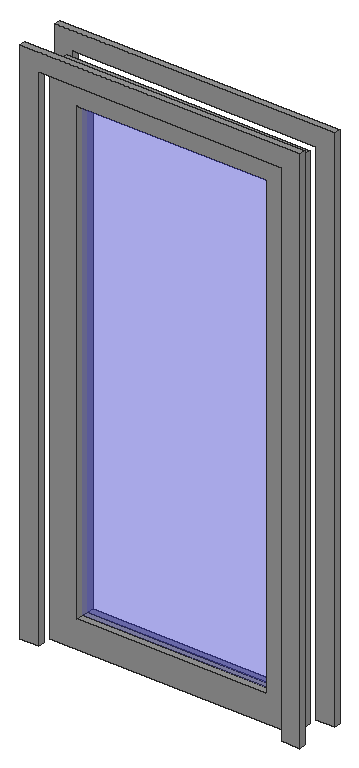
Revit family "Family70", category Doors, host Wall, Revit 2018
Family settings
  Host = Wall
  OmniClass Number = 23.30.10.00
  OmniClass Title = Doors
  Always vertical = Yes
  Cut with Voids When Loaded = No
  Shared = No
  Room Calculation Point = No
Parameters
  Visual Light Transmittance = 0
  URL = "www.skywardwindows.co.za"
  Thermal Resistance (R) = 0.2429 (m²·K)/W
  Telephone = "021 276 1800"
  Solar Heat Gain Coefficient = 0
  Manufacturer = "Skyward Windows"
  Heat Transfer Coefficient (U) = 4.1165 W/(m²·K)
  Glass Thickness = 4 mm
  Glass = Glass
  Function = Interior
  Frame Projection Ext. = 25 mm
  Frame Projection Int. = 25 mm
  Frame Width = 75 mm
  Height = 2090 mm
  Wall Closure = By host
  Width = 990 mm
  Email Address = "info@skywardwindows.co.za"
  Door Thickness = 84 mm
  Door Frame = White
  Company Address = "Charles Matthews Street Atlantis 7349"
  Analytic Construction = "Metal frame, double glass door"
Reference planes
  plane 1: y = 0
  plane 2 "Center (Left/Right)": x = 0
  plane 3 "Left": x = -495
  plane 4 "Right": x = 495
  plane 5: z = 2090
  plane 6 "Exterior": y = 75
  plane 7 "Interior": y = -75
Forms (mm)
  Extrusion 1, solid, material "White" <- "Door Frame"
    sketch origin (-3050, -75, 0) x (1, 0, 0) y (0, 0, 1)
      loop
        line (2480, 0) -> (2555, 0) -> (2555, 2090) -> (3545, 2090) -> (3545, 0) -> (3620, 0) -> (3620, 2165) -> (2480, 2165) -> (2480, 0)
    from 0 to 25
  Extrusion 2, solid, material "White" <- "Door Frame"
    sketch origin (-3050, 75, 0) x (-1, 0, 0) y (0, 0, 1)
      loop
        line (-2555, 0) -> (-2480, 0) -> (-2480, 2165) -> (-3620, 2165) -> (-3620, 0) -> (-3545, 0) -> (-3545, 2090) -> (-2555, 2090) -> (-2555, 0)
    from 0 to 25
  Extrusion 3, solid, material "White" <- "Door Frame"
    sketch origin (0, -75, 0) x (1, 0, 0) y (0, 0, 1)
      loop
        line (-495, 2090) -> (-495, 0) -> (495, 0) -> (495, 2090) -> (-495, 2090)
      loop
        line (-386, 109) -> (386, 109) -> (386, 1981) -> (-386, 1981) -> (-386, 109)
    from -117 to -33
  Extrusion 4, solid, material "Glass" <- "Glass"
    sketch origin (0, 0, 0) x (1, 0, 0) y (0, 1, 0)
      loop
        line (-386, 14) -> (-386, 10) -> (386, 10) -> (386, 14) -> (-386, 14)
      loop
        line (386, -10) -> (-386, -10) -> (-386, -14) -> (386, -14) -> (386, -10)
    from 109 to 1981
Lines and regions (mm)
  Opening 1
    outline origin (-3050, -75, 0) x (1, 0, 0) y (0, 0, 1)
      loop
        line (2555, 0) -> (3545, 0) -> (3545, 2090) -> (2555, 2090) -> (2555, 0)
  symbolic lines, style "Elevation Swing"
    curve 1: line (495, -75, 1045) -> (-495, -75, 2090)
    curve 2: line (495, -75, 1045) -> (-495, -75, 0)
Text (mm)
  text "Exterior" at (-2295.016, 1099.543, 0), in view "Ref. Level"
  text "Exterior" at (0, 1615.38, 3698.081), in view "Left"
  text "Exterior" at (0, 1036.032, 3874.932), in view "Right"
Dimensions and locks
  equal spacing: plane 3 "Left", plane 2 "Center (Left/Right)", plane 4 "Right"
  "Width": plane 3 "Left" to plane 4 "Right"
  "Height": plane 5 to host wall
  equal spacing: host wall, curve 2, plane 5
  host wall to plane 5 = 2090 mm
  "Frame Projection Ext.": Extrusion 2 to Extrusion 2
  "Frame Projection Int.": Extrusion 1 to Extrusion 1
  "Frame Width": plane 3 "Left" to Extrusion 1 sketch curve
  "Frame Width": plane 4 "Right" to Extrusion 1 sketch curve
  "Frame Width": Extrusion 1 sketch curve to plane 5
  "Frame Width": plane 4 "Right" to Extrusion 2 sketch curve
  "Frame Width": plane 3 "Left" to Extrusion 2 sketch curve
  "Frame Width": plane 5 to Extrusion 2 sketch curve
  locked: plane 6 "Exterior" to host wall at 0
  locked: plane 7 "Interior" to host wall
  "Glass Thickness": Extrusion 4 to Extrusion 4  (x2)
  "Door Thickness": Extrusion 3 to Extrusion 3
  aligned and locked: plane 3 "Left" to Opening 1 sketch curve
  aligned and locked: plane 5 to Opening 1 sketch curve  (x2)
  aligned and locked: Opening 1 sketch curve to plane 4 "Right"
  aligned and locked: Opening 1 sketch curve to level
  aligned and locked: level to Extrusion 1 sketch curve
  aligned and locked: plane 5 to Extrusion 1 sketch curve  (x2)
  aligned and locked: Extrusion 1 sketch curve to plane 4 "Right"
  aligned and locked: plane 3 "Left" to Extrusion 1 sketch curve
  aligned and locked: plane 3 "Left" to Extrusion 2 sketch curve
  aligned and locked: plane 5 to Extrusion 2 sketch curve  (x2)
  aligned and locked: level to Extrusion 2 sketch curve
  aligned and locked: plane 5 to curve 1
  aligned and locked: plane 3 "Left" to curve 2
  aligned and locked: plane 1 to host wall
  aligned and locked: plane 3 "Left" to curve 1
  aligned and locked: Extrusion 4 to Extrusion 3
Automatic sketch dimensions
  Extrusion 2 sketch curve to plane 4 "Right" = 0 mm
  Extrusion 1 sketch curve to level = 0 mm
  Extrusion 2 sketch curve to level = 0 mm
  plane 4 "Right" to curve 2 = 0 mm
  curve 2 to level = 0 mm
  Extrusion 3 sketch curve to level = 0 mm
  plane 3 "Left" to Extrusion 3 sketch curve = 0 mm
  plane 4 "Right" to Extrusion 3 sketch curve = 0 mm
  Extrusion 3 sketch curve to plane 5 = 0 mm
  Extrusion 3 sketch curve to plane 3 "Left" = 109 mm
  plane 4 "Right" to Extrusion 3 sketch curve = 109 mm
  level to Extrusion 3 sketch curve = 109 mm
  plane 5 to Extrusion 3 sketch curve = 109 mm
  host wall to Extrusion 4 sketch curve = 10 mm
  Extrusion 4 sketch curve to plane 3 "Left" = 109 mm
  Extrusion 4 sketch curve to host wall = 10 mm
  Extrusion 4 sketch curve to Extrusion 4 sketch curve = 0 mm  (x2)
  Extrusion 4 sketch curve to host wall = 14 mm
  plane 4 "Right" to Extrusion 4 sketch curve = 109 mm
  Extrusion 4 sketch curve to Extrusion 4 sketch curve = 4 mm
